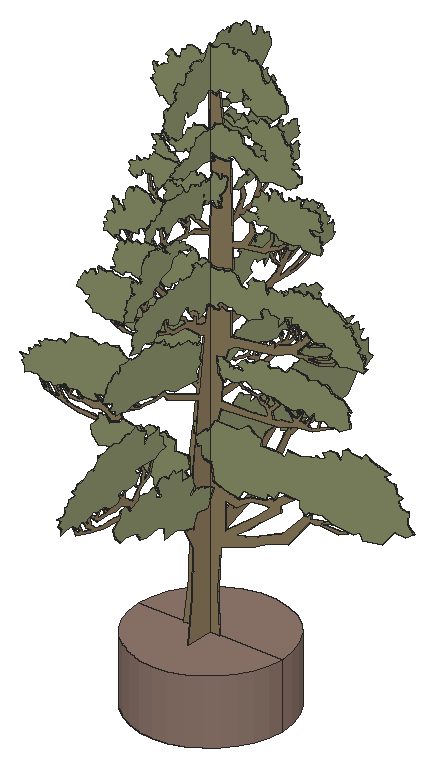
Revit family "섬잣나무+뿌리분", category 수목, Revit 2019
Family settings
  OmniClass 번호 = 23.40.05.00
  OmniClass 제목 = Plants and Planting Products
  작업 기준면 기반 = 아니오
  항상 수직 = 예
  로드될 때 보이드를 사용하여 절단 = 아니오
  렌더 모양 소스 = 패밀리 형상
  공유 = 아니오
Parameters
  콘 높이 = 뿌리분 직경 / 4  # 272.5 mm
  뿌리분 직경 = (24 mm + ((R / 10) - 3 mm) * 5) * 10  # 1090 mm
  뿌리분 높이 = 뿌리분 직경 / 2  # 545 mm
  높이 = 4500 mm
  R = 200 mm
  H = 높이  # 4500 mm
Reference planes
  plane 1 "중심(앞/뒤)": y = 0
  plane 2: z = 0
  plane 3 "중심(왼쪽/오른쪽)": x = 0
  plane 4: x = 482.5
  plane 5: x = -607.5
  plane 6: z = -545
  plane 7: z = -817.5
  plane 8: z = 4500
  plane 9: x = -100
  plane 10: x = 100
Forms (mm)
  Revolve 1, solid, material "흙"
    sketch origin (0, 0, 0) x (1, 0, 0) y (0, 0, 1)
      loop
        line (0, 0) -> (-607.5, 0) -> (-607.5, -545) -> (0, -545) -> (0, 0)
      axis (0, 0) -> (0, -545)
    angle from 0 to 360
  Revolve 2, solid, material "흙"
    sketch origin (0, 0, 0) x (1, 0, 0) y (0, 0, 1)
      loop
        line (0, -545) -> (-607.5, -545) -> (0, -817.5) -> (0, -545)
      axis (0, -545) -> (0, -817.5)
    angle from 0 to 360
Dimensions and locks
  "뿌리분 직경": plane 4 to plane 5
  "뿌리분 높이": plane 6 to level
  "콘 높이": plane 7 to plane 6
  "H": level to plane 8
  "R": plane 9 to plane 10
  aligned and locked: level to plane 2
Automatic sketch dimensions
  Revolve 1 sketch curve to level = 0 mm  (x2)
  Revolve 1 sketch curve to plane 5 = 0 mm
  Revolve 1 sketch curve to plane 3 "중심(왼쪽/오른쪽)" = 0 mm  (x2)
  Revolve 1 sketch curve to plane 6 = 0 mm  (x2)
  Revolve 2 sketch curve to plane 5 = 0 mm
  Revolve 2 sketch curve to plane 3 "중심(왼쪽/오른쪽)" = 0 mm  (x2)
  Revolve 2 sketch curve to plane 7 = 0 mm  (x2)
  Revolve 2 sketch curve to plane 6 = 0 mm  (x2)
Nested families
  nested 1: "섬잣나무_base" at (0, 0, 0), type "섬잣나무_base"
Definition of nested family "섬잣나무_base"
  Parameters (values of type "섬잣나무_base")
    Height = 6000 mm
  Reference planes
    plane 1 "중심(앞/뒤)": y = 0
    plane 2: z = 0
    plane 3 "중심(왼쪽/오른쪽)": x = 0
  Forms (mm)
    Revolve 1, solid, detail levels coarse
      sketch origin (-3.825, -0.971, 0) x (1, 0, 0) y (0, 0, 1)
        loop
          line (0, 4453.585) -> (-433.013, 4279.985) -> (-1475.227, 1440) -> (-100, 1440) -> (-100, 0) -> (0, 0) -> (0, 4453.585)
        axis (0, 4453.585) -> (0, 0)
      angle from 0 to 360
    Extrusion 2, solid, detail levels fine
      sketch origin (-3.825, -0.971, 0) x (1, 0, 0) y (0, 0, 1)
        loop
          line (100.99, 4484.287) -> (72.119, 4444.933) -> (30.126, 4434.438) -> (-0.057, 4453.46) -> (-43.678, 4358.19) -> (-77.054, 4345.106) -> (-88.834, 4367.349) -> (-154.279, 4382.396) -> (-196.163, 4360.153) -> (-189.618, 4333.33) -> (-238.047, 4325.48) -> (-246.555, 4271.181) -> (-270.769, 4254.172) -> (-327.051, 4295.386) -> (-370.899, 4242.396) -> (-336.868, 4235.854) -> (-355.847, 4205.76) -> (-342.758, 4176.321) -> (-390.31, 4161.808) -> (-434.696, 4127.226) -> (-455.583, 4141.581) -> (-439.918, 4155.936) -> (-477.124, 4146.148) -> (-470.596, 4098.516) -> (-458.194, 4067.848) -> (-482.998, 4040.443) -> (-468.638, 4008.471) -> (-498.011, 4012.386) -> (-446.445, 3977.151) -> (-452.32, 3961.491) -> (-418.377, 3908.639) -> (-394.879, 3922.341) -> (-345.923, 3869.489) -> (-291.094, 3872.099) -> (-287.177, 3917.774) -> (-254.54, 3964.101) -> (-264.984, 4020.216) -> (-224.514, 4048.926) -> (-217.762, 3996.193) -> (-142.045, 3998.151) -> (-119.852, 4050.351) -> (-60.453, 4054.918) -> (-18.678, 4109.728) -> (59.651, 4092.763) -> (88.371, 4129.956) -> (174.532, 4134.523) -> (143.854, 4099.288) -> (184.976, 4064.053) -> (235.237, 4092.111) -> (278.318, 4116.253) -> (291.372, 4154.098) -> (280.928, 4195.858) -> (349.466, 4149.53) -> (316.829, 4141.701) -> (284.192, 4104.508) -> (294.636, 4073.841) -> (345.529, 4080.893) -> (360.126, 4065.259) -> (404.961, 4038.159) -> (476.904, 4066.301) -> (542.592, 4051.709) -> (591.71, 4097.931) -> (618.099, 4131.615) -> (652.201, 4149.066) -> (653.006, 4207.588) -> (631.083, 4235.996) -> (631.489, 4268.462) -> (601.041, 4273.332) -> (564.642, 4298.817) -> (552.495, 4339.699) -> (512.619, 4362.941) -> (510.555, 4330.966) -> (476.505, 4315.494) -> (450.389, 4333.968) -> (431.029, 4414.203) -> (384.242, 4460.973) -> (328.178, 4435.168) -> (324.952, 4460.973) -> (291.475, 4485.97) -> (235.684, 4483.276) -> (226.315, 4434.438) -> (192.851, 4449.524) -> (202.038, 4488.879) -> (166.605, 4475.105) -> (146.921, 4496.75) -> (100.99, 4484.287)
        loop
          line (192.071, 3892.995) -> (219.184, 3904.233) -> (280.085, 3900.216) -> (313.724, 3932.524) -> (328.894, 3906.15) -> (357.257, 3893.623) -> (356.597, 3844.172) -> (402.109, 3840.875) -> (444.982, 3823.732) -> (435.747, 3800.655) -> (474.663, 3800.655) -> (477.549, 3795.503) -> (477.549, 3742.056) -> (482.076, 3731.939) -> (447.514, 3753.532) -> (414.033, 3727.621) -> (380.552, 3741.656) -> (367.591, 3765.409) -> (283.348, 3796.718) -> (280.791, 3829.277) -> (235.617, 3868.948) -> (172.29, 3852.911) -> (100.097, 3874.434) -> (48.591, 3854.177) -> (34.659, 3810.708) -> (-16.425, 3793.405) -> (-50.622, 3811.13) -> (-127.881, 3791.717) -> (-137.869, 3799.957) -> (-148.669, 3748.134) -> (-185.391, 3745.975) -> (-201.591, 3710.346) -> (-213.472, 3673.638) -> (-260.994, 3686.594) -> (-312.836, 3662.842) -> (-326.876, 3669.32) -> (-361.438, 3666.081) -> (-354.958, 3636.93) -> (-390.599, 3636.93) -> (-408.96, 3625.054) -> (-380.879, 3613.178) -> (-375.478, 3595.903) -> (-347.397, 3586.187) -> (-333.357, 3571.071) -> (-299.875, 3568.912) -> (-275.034, 3539.762) -> (-222.112, 3551.638) -> (-197.271, 3579.709) -> (-162.71, 3560.275) -> (-116.268, 3559.195) -> (-70.906, 3575.39) -> (0.377, 3567.832) -> (30.618, 3577.549) -> (12.257, 3604.541) -> (20.897, 3630.452) -> (67.339, 3616.417) -> (144.022, 3619.656) -> (194.784, 3639.089) -> (160.223, 3644.488) -> (192.624, 3669.32) -> (237.986, 3636.93) -> (270.387, 3599.142) -> (324.389, 3602.381) -> (327.63, 3623.974) -> (399.992, 3589.426) -> (422.673, 3553.797) -> (541.478, 3582.948) -> (574.959, 3582.948) -> (576.725, 3583.987) -> (622.586, 3583.987) -> (655.521, 3571.374) -> (677.335, 3590.614) -> (685.221, 3581.674) -> (713.884, 3606.957) -> (729.945, 3612.848) -> (740.638, 3648.336) -> (755.181, 3648.336) -> (777.423, 3658.598) -> (777.423, 3708.196) -> (763.308, 3700.073) -> (715.83, 3727.865) -> (696.583, 3746.25) -> (740.638, 3760.788) -> (759.031, 3760.788) -> (734.223, 3786.869) -> (702.571, 3786.869) -> (715.83, 3819.365) -> (692.44, 3828.909) -> (685.89, 3840.316) -> (698.294, 3868.535) -> (689.739, 3895.472) -> (676.48, 3916.851) -> (660.88, 3907.176) -> (635.38, 3923.346) -> (633.616, 3936.718) -> (609.896, 3971.513) -> (621.498, 3997.544) -> (580.504, 4000.637) -> (565.034, 4026.925) -> (512.437, 3988.008) -> (498.512, 4007.453) -> (460.239, 4034.423) -> (432.698, 4029.642) -> (406.142, 3984.513) -> (364.316, 3993.14) -> (329.129, 3966.594) -> (313.196, 3988.495) -> (268.714, 4009.068) -> (260.083, 3960.621) -> (240.83, 3956.639) -> (212.282, 3923.456) -> (193.042, 3948.213) -> (148.665, 3967.929) -> (115.188, 3927.978) -> (148.146, 3922.53) -> (192.071, 3892.995)
        loop
          line (-662.462, 3337.052) -> (-679.075, 3316.985) -> (-667.308, 3291.383) -> (-679.767, 3256.093) -> (-651.387, 3229.799) -> (-617.469, 3219.419) -> (-614.007, 3236.718) -> (-571.783, 3257.477) -> (-575.936, 3292.767) -> (-558.631, 3303.146) -> (-536.48, 3278.927) -> (-504.639, 3289.999) -> (-470.721, 3274.776) -> (-470.721, 3243.638) -> (-452.031, 3209.04) -> (-417.421, 3206.964) -> (-392.501, 3244.33) -> (-352.353, 3251.941) -> (-321.896, 3274.776) -> (-283.825, 3254.017) -> (-254.752, 3221.495) -> (-254.06, 3245.714) -> (-204.221, 3251.941) -> (-159.227, 3235.334) -> (-138.461, 3188.281) -> (-97.621, 3166.831) -> (-72.009, 3231.183) -> (-76.162, 3260.245) -> (-61.626, 3297.61) -> (-69.24, 3342.587) -> (-51.243, 3339.82) -> (-50.551, 3301.762) -> (-36.014, 3274.776) -> (-51.935, 3256.093) -> (-5.557, 3242.946) -> (23.516, 3274.776) -> (51.896, 3240.178) -> (82.353, 3245.714) -> (69.893, 3281.003) -> (100.351, 3290.691) -> (88.583, 3337.052) -> (126.654, 3374.417) -> (144.111, 3432.264) -> (141.749, 3451.324) -> (157.44, 3469.371) -> (155.753, 3484.382) -> (136.855, 3488.768) -> (128.588, 3476.624) -> (110.804, 3484.715) -> (112.867, 3454.466) -> (83.984, 3455.154) -> (69.201, 3482.362) -> (17.978, 3489.974) -> (29.053, 3462.988) -> (11.748, 3421.47) -> (-33.938, 3417.319) -> (-49.166, 3436.001) -> (-81.008, 3438.769) -> (-83.777, 3416.627) -> (-112.157, 3419.395) -> (-121.156, 3440.845) -> (-145.383, 3436.001) -> (-168.226, 3444.997) -> (-156.458, 3451.916) -> (-184.147, 3463.68) -> (-211.835, 3424.93) -> (-237.447, 3427.698) -> (-267.904, 3456.068) -> (-299.745, 3447.765) -> (-334.356, 3451.916) -> (-352.353, 3444.997) -> (-391.809, 3444.997) -> (-441.648, 3457.452) -> (-473.489, 3460.22) -> (-490.795, 3424.93) -> (-506.023, 3424.93) -> (-509.484, 3392.408) -> (-553.093, 3391.024) -> (-563.476, 3364.038) -> (-587.011, 3363.346) -> (-615.392, 3383.413) -> (-616.084, 3356.427) -> (-632.005, 3337.744) -> (-662.462, 3337.052)
        loop
          line (943.291, 3176) -> (948.872, 3217.844) -> (939.105, 3244.345) -> (953.058, 3272.938) -> (930.733, 3276.425) -> (930.036, 3309.9) -> (890.27, 3299.439) -> (857.48, 3316.874) -> (847.713, 3336.401) -> (900.734, 3351.046) -> (927.245, 3342.677) -> (953.756, 3360.112) -> (937.012, 3388.008) -> (950.267, 3414.509) -> (923.757, 3431.944) -> (927.943, 3478.669) -> (881.898, 3488.433) -> (842.83, 3473.09) -> (830.272, 3489.828) -> (773.763, 3474.485) -> (768.879, 3505.868) -> (778.646, 3534.461) -> (735.392, 3549.106) -> (740.973, 3526.789) -> (707.486, 3502.381) -> (666.325, 3510.052) -> (671.208, 3484.248) -> (634.931, 3475.182) -> (602.839, 3491.92) -> (606.327, 3529.579) -> (581.909, 3512.144) -> (560.98, 3528.882) -> (549.818, 3532.369) -> (534.47, 3514.934) -> (510.052, 3529.579) -> (521.912, 3500.288) -> (507.959, 3435.431) -> (527.493, 3427.062) -> (498.889, 3431.246) -> (498.889, 3466.814) -> (480.751, 3486.341) -> (474.472, 3467.511) -> (437.497, 3484.946) -> (425.637, 3427.76) -> (377.499, 3420.088) -> (360.755, 3387.311) -> (357.267, 3345.467) -> (401.917, 3357.323) -> (412.381, 3335.704) -> (387.964, 3307.11) -> (407.498, 3302.229) -> (415.172, 3266.662) -> (398.428, 3289.676) -> (369.127, 3298.044) -> (349.593, 3288.978) -> (316.804, 3298.742) -> (302.153, 3277.122) -> (290.991, 3256.898) -> (256.108, 3244.345) -> (316.106, 3210.87) -> (351.686, 3223.423) -> (386.568, 3249.227) -> (397.731, 3222.726) -> (431.218, 3219.239) -> (465.402, 3237.371) -> (501.68, 3236.674) -> (493.308, 3210.87) -> (530.981, 3204.593) -> (570.747, 3202.501) -> (585.398, 3171.816) -> (611.908, 3167.632) -> (665.627, 3165.539) -> (709.579, 3164.145) -> (758.414, 3189.251) -> (789.808, 3168.329) -> (873.526, 3166.237) -> (943.291, 3176)
        loop
          line (-713.437, 2963.237) -> (-708.955, 2931.443) -> (-725.353, 2938.532) -> (-731.09, 2965.002) -> (-771.251, 2962.355) -> (-769.045, 2983.531) -> (-777.871, 2995.884) -> (-805.234, 2989.266) -> (-817.15, 3007.795) -> (-827.3, 2979.119) -> (-806.999, 2952.208) -> (-809.206, 2923.973) -> (-789.346, 2898.385) -> (-802.586, 2888.238) -> (-822.887, 2903.679) -> (-837.892, 2885.591) -> (-860.842, 2881.621) -> (-866.579, 2852.062) -> (-882.908, 2828.68) -> (-868.786, 2822.945) -> (-860.305, 2798.153) -> (-893.438, 2787.583) -> (-887.798, 2762.213) -> (-893.438, 2726.273) -> (-860.305, 2727.682) -> (-797.563, 2697.38) -> (-801.087, 2717.816) -> (-762.314, 2743.891) -> (-760.904, 2774.193) -> (-719.311, 2797.449) -> (-654.454, 2794.63) -> (-599.467, 2802.382) -> (-601.582, 2837.617) -> (-573.383, 2852.416) -> (-531.085, 2851.711) -> (-532.495, 2867.92) -> (-505.001, 2903.155) -> (-457.768, 2910.907) -> (-413.355, 2927.115) -> (-383.021, 2991.17) -> (-329.898, 3004.336) -> (-325.507, 3044.274) -> (-310.58, 3016.186) -> (-243.847, 3005.214) -> (-216.627, 2981.515) -> (-207.407, 3016.186) -> (-224.09, 3030.669) -> (-246.92, 3031.985) -> (-263.165, 3067.534) -> (-284.677, 3076.311) -> (-325.946, 3079.822) -> (-321.556, 3101.327) -> (-358.435, 3117.566) -> (-387.85, 3119.76) -> (-390.923, 3096.939) -> (-414.192, 3114.494) -> (-442.291, 3116.688) -> (-467.755, 3091.672) -> (-444.047, 3074.117) -> (-421.656, 3049.101) -> (-471.267, 3076.75) -> (-497.17, 3105.716) -> (-502.877, 3125.465) -> (-549.415, 3130.732) -> (-552.639, 3139.739) -> (-596.328, 3147.578) -> (-627.764, 3152.446) -> (-629.176, 3118.576) -> (-639.764, 3112.225) -> (-652.47, 3135.511) -> (-684.235, 3116.459) -> (-711.059, 3067.065) -> (-709.906, 3013.531) -> (-731.09, 3007.354) -> (-727.56, 2976.031) -> (-713.437, 2963.237)
        loop
          line (-444.895, 3537.517) -> (-454.771, 3515.196) -> (-475.812, 3514.337) -> (-478.818, 3489.441) -> (-457.777, 3484.719) -> (-457.347, 3464.115) -> (-438.883, 3462.398) -> (-423.424, 3459.823) -> (-399.378, 3452.955) -> (-357.296, 3451.667) -> (-343.555, 3461.111) -> (-303.191, 3455.101) -> (-264.116, 3466.261) -> (-281.292, 3490.729) -> (-295.462, 3502.318) -> (-299.756, 3519.917) -> (-312.209, 3514.766) -> (-340.979, 3518.2) -> (-350.855, 3542.668) -> (-373.184, 3553.828) -> (-388.213, 3580.012) -> (-395.943, 3596.324) -> (-407.966, 3580.871) -> (-420.419, 3582.158) -> (-414.836, 3594.607) -> (-426.86, 3610.489) -> (-457.347, 3604.05) -> (-461.212, 3592.89) -> (-484.829, 3592.46) -> (-471.947, 3565.847) -> (-458.636, 3557.691) -> (-444.895, 3537.517)
        loop
          line (-351.881, 2770.706) -> (-370.427, 2752.167) -> (-427.491, 2777.836) -> (-446.036, 2740.759) -> (-466.722, 2757.872) -> (-500.246, 2749.315) -> (-540.904, 2759.298) -> (-575.142, 2722.22) -> (-621.527, 2740.689) -> (-647.206, 2717.159) -> (-697.849, 2726.428) -> (-711.402, 2660.829) -> (-727.808, 2682.22) -> (-714.255, 2694.341) -> (-743.5, 2705.75) -> (-783.445, 2654.412) -> (-770.605, 2610.203) -> (-796.997, 2610.916) -> (-816.256, 2530.343) -> (-801.277, 2504.674) -> (-796.997, 2483.283) -> (-836.228, 2461.892) -> (-777.738, 2449.058) -> (-732.088, 2439.788) -> (-709.262, 2475.44) -> (-670.031, 2484.709) -> (-650.059, 2466.883) -> (-599.415, 2459.753) -> (-561.61, 2474.014) -> (-560.897, 2508.952) -> (-513.82, 2525.352) -> (-506.687, 2553.161) -> (-465.316, 2570.273) -> (-423.945, 2560.291) -> (-431.791, 2513.944) -> (-378.294, 2483.283) -> (-330.503, 2483.283) -> (-316.237, 2518.935) -> (-251.04, 2563.103) -> (-218.942, 2559.538) -> (-214.662, 2512.478) -> (-175.431, 2516.043) -> (-125.5, 2483.956) -> (-109.808, 2451.87) -> (-107.668, 2420.496) -> (-47.751, 2449.018) -> (-32.772, 2490.374) -> (10.739, 2486.095) -> (51.397, 2468.983) -> (83.495, 2468.983) -> (67.802, 2493.226) -> (90.628, 2526.738) -> (159.104, 2508.913) -> (187.636, 2524.599) -> (232.573, 2483.243) -> (291.064, 2488.948) -> (330.295, 2466.844) -> (366.673, 2493.226) -> (448.72, 2526.398) -> (432.421, 2566.068) -> (460.059, 2606.447) -> (496.2, 2606.447) -> (516.751, 2574.569) -> (547.932, 2578.819) -> (591.869, 2574.569) -> (581.239, 2552.608) -> (588.325, 2513.646) -> (635.097, 2568.901) -> (635.097, 2597.946) -> (700.293, 2629.824) -> (694.624, 2590.862) -> (694.904, 2569.605) -> (749.471, 2580.939) -> (764.352, 2558.27) -> (790.573, 2553.312) -> (817.502, 2556.854) -> (844.431, 2524.267) -> (883.407, 2501.598) -> (924.509, 2500.89) -> (973.406, 2526.392) -> (973.406, 2514.35) -> (985.453, 2496.64) -> (1000.335, 2503.724) -> (1038.602, 2491.681) -> (1014.508, 2411.632) -> (1030.098, 2433.592) -> (1071.909, 2413.757) -> (1098.838, 2388.963) -> (1154.113, 2409.507) -> (1207.262, 2401.006) -> (1272.459, 2415.174) -> (1298.679, 2409.507) -> (1329.86, 2447.76) -> (1300.805, 2444.927) -> (1303.64, 2485.305) -> (1317.813, 2513.641) -> (1306.474, 2546.228) -> (1293.01, 2503.724) -> (1280.963, 2538.435) -> (1256.868, 2539.144) -> (1225.687, 2546.228) -> (1263.955, 2561.812) -> (1274.585, 2587.315) -> (1238.443, 2607.15) -> (1234.9, 2636.903) -> (1198.05, 2656.738) -> (1213.64, 2682.24) -> (1188.129, 2722.619) -> (1166.869, 2700.658) -> (1127.184, 2708.451) -> (1161.046, 2736.13) -> (1129.157, 2758.09) -> (1092.307, 2789.968) -> (1059.708, 2792.801) -> (1034.906, 2821.137) -> (1004.433, 2826.805) -> (1003.016, 2797.052) -> (954.119, 2811.928) -> (934.985, 2840.264) -> (909.473, 2835.305) -> (883.253, 2825.388) -> (856.324, 2848.765) -> (824.435, 2857.266) -> (825.143, 2830.347) -> (786.167, 2823.971) -> (750.734, 2837.431) -> (719.554, 2816.179) -> (704.672, 2829.638) -> (665.551, 2827.922) -> (665.551, 2788.319) -> (631.011, 2753.792) -> (597.63, 2787.185) -> (572.726, 2762.291) -> (521.787, 2782.659) -> (488.276, 2764.159) -> (506.201, 2741.222) -> (493.295, 2722.586) -> (473.935, 2761.292) -> (474.652, 2789.246) -> (456.009, 2810.749) -> (436.65, 2798.564) -> (382.873, 2789.962) -> (362.796, 2803.581) -> (335.549, 2769.893) -> (310.453, 2748.39) -> (340.568, 2733.338) -> (316.189, 2693.916) -> (263.129, 2716.852) -> (230.441, 2769.674) -> (212.562, 2780.397) -> (174.659, 2788.976) -> (127.458, 2768.244) -> (118.877, 2783.257) -> (73.822, 2757.52) -> (9.457, 2763.24) -> (10.888, 2789.691) -> (-12.712, 2807.563) -> (-59.913, 2805.419) -> (-95.671, 2779.682) -> (-94.956, 2816.857) -> (-128.568, 2850.457) -> (-175.768, 2854.747) -> (-154.299, 2824.184) -> (-192.817, 2776.41) -> (-229.195, 2784.967) -> (-296.958, 2779.263) -> (-281.265, 2787.106) -> (-308.37, 2807.071) -> (-317.643, 2776.41) -> (-351.881, 2770.706)
        loop
          line (300.429, 2158.583) -> (275.037, 2144.079) -> (232.958, 2102.74) -> (274.312, 2091.137) -> (287.37, 2066.479) -> (255.449, 2069.38) -> (228.605, 2073.006) -> (202.487, 2061.402) -> (204.664, 2077.357) -> (173.468, 2067.204) -> (169.84, 2087.511) -> (125.585, 2099.114) -> (113.251, 2117.97) -> (69.722, 2100.565) -> (79.879, 2059.227) -> (72.624, 2048.348) -> (90.761, 2008.46) -> (84.957, 1985.253) -> (132.201, 1936.846) -> (133.36, 1965.808) -> (213.322, 1958.857) -> (307.192, 2001.72) -> (341.958, 1987.818) -> (361.659, 1965.808) -> (409.173, 1979.709) -> (470.594, 1958.857) -> (554.033, 1958.857) -> (598.071, 1943.797) -> (632.837, 1931.054) -> (709.323, 1915.994) -> (767.267, 1951.906) -> (795.081, 1946.114) -> (846.071, 1909.043) -> (881.997, 1954.223) -> (899.38, 1909.043) -> (963.118, 1928.737) -> (986.296, 1917.152) -> (1003.679, 1902.092) -> (1056.988, 1911.36) -> (1101.025, 1896.3) -> (1186.782, 1947.272) -> (1184.465, 1976.234) -> (1171.717, 2010.987) -> (1178.67, 2042.266) -> (1148.539, 2061.96) -> (1193.736, 2073.544) -> (1133.474, 2144.21) -> (1095.231, 2147.686) -> (1026.857, 2163.904) -> (1009.474, 2192.866) -> (981.66, 2206.767) -> (944.576, 2194.024) -> (906.333, 2211.401) -> (836.8, 2190.549) -> (813.623, 2221.827) -> (766.109, 2221.827) -> (726.707, 2235.729) -> (695.919, 2228.261) -> (676.33, 2228.261) -> (677.781, 2209.405) -> (651.663, 2184.022) -> (613.843, 2186.867) -> (594.981, 2194.12) -> (571.039, 2197.746) -> (518.804, 2172.363) -> (494.862, 2181.066) -> (504.294, 2193.395) -> (488.333, 2209.35) -> (431.744, 2207.899) -> (399.097, 2183.966) -> (382.41, 2158.583) -> (363.547, 2163.66) -> (324.371, 2148.43) -> (300.429, 2158.583)
        loop
          line (-302.228, 2298.993) -> (-317.371, 2326.115) -> (-372.854, 2315.587) -> (-413.217, 2338.643) -> (-423.308, 2363.862) -> (-452.86, 2363.141) -> (-486.016, 2388.359) -> (-456.464, 2385.477) -> (-476.646, 2421.503) -> (-515.568, 2412.136) -> (-566.023, 2435.913) -> (-621.834, 2424.258) -> (-677.099, 2441.522) -> (-733.58, 2417.051) -> (-805.03, 2416.329) -> (-833.899, 2435.087) -> (-869.263, 2419.937) -> (-942.879, 2431.48) -> (-936.383, 2395.407) -> (-942.157, 2366.549) -> (-962.365, 2368.713) -> (-973.912, 2400.457) -> (-1008.555, 2385.307) -> (-1033.093, 2346.348) -> (-1056.91, 2352.12) -> (-1084.336, 2302.339) -> (-1085.057, 2279.253) -> (-1107.431, 2272.038) -> (-1121.143, 2222.258) -> (-1087.944, 2217.207) -> (-1050.415, 2186.185) -> (-1016.494, 2192.678) -> (-1020.824, 2162.377) -> (-1045.363, 2136.404) -> (-1022.989, 2123.418) -> (-987.625, 2097.445) -> (-984.017, 2070.752) -> (-931.331, 2072.916) -> (-876.48, 2054.88) -> (-814.413, 2075.08) -> (-755.953, 2078.688) -> (-701.103, 2067.144) -> (-656.213, 2052.181) -> (-600.686, 2052.812) -> (-554.624, 2035.781) -> (-469.441, 2037.673) -> (-367.852, 1979.013) -> (-264.371, 1975.859) -> (-125.554, 1961.983) -> (-141.957, 2037.86) -> (-74.442, 2088.32) -> (-95.264, 2100.304) -> (-108.515, 2117.966) -> (-87.061, 2169.688) -> (-89.585, 2224.563) -> (-133.123, 2222.04) -> (-144.481, 2251.686) -> (-189.912, 2251.686) -> (-189.912, 2272.501) -> (-213.89, 2298.993) -> (-253.642, 2298.993) -> (-302.228, 2298.993)
        loop
          line (52.176, 1610.503) -> (-0.542, 1516.396) -> (-34.433, 1548.393) -> (-137.988, 1542.746) -> (-122.926, 1465.579) -> (-75.855, 1454.286) -> (-83.387, 1380.883) -> (-45.73, 1331.947) -> (27.7, 1273.601) -> (42.762, 1153.144) -> (127.489, 1119.266) -> (244.224, 1094.798) -> (293.178, 1166.319) -> (328.951, 1155.026) -> (479.577, 1166.319) -> (494.639, 1205.844) -> (553.007, 1196.433) -> (588.781, 1260.426) -> (669.742, 1260.426) -> (758.234, 1252.897) -> (760.117, 1202.08) -> (812.836, 1168.201) -> (839.196, 1192.669) -> (954.048, 1209.608) -> (1033.126, 1179.494) -> (1083.962, 1173.848) -> (1168.689, 1160.673) -> (1221.408, 1158.79) -> (1268.479, 1194.551) -> (1292.956, 1141.851) -> (1462.409, 1166.319) -> (1565.965, 1299.951) -> (1654.457, 1288.658) -> (1727.887, 1335.711) -> (1671.403, 1392.175) -> (1678.934, 1491.929) -> (1661.989, 1484.4) -> (1613.035, 1501.339) -> (1594.207, 1538.982) -> (1631.863, 1576.625) -> (1579.144, 1595.446) -> (1579.144, 1616.15) -> (1567.847, 1661.321) -> (1511.363, 1661.321) -> (1477.472, 1691.435) -> (1530.191, 1719.667) -> (1422.87, 1747.899) -> (1379.565, 1757.31) -> (1319.315, 1800.599) -> (1289.19, 1761.074) -> (1196.932, 1761.074) -> (1165.757, 1786.38) -> (1123.213, 1761.572) -> (1123.213, 1729.675) -> (1107.85, 1688.328) -> (1071.215, 1723.768) -> (1019.216, 1723.768) -> (977.854, 1695.416) -> (953.97, 1687.769) -> (978.385, 1646.353) -> (930.296, 1629.343) -> (899.222, 1641.176) -> (888.125, 1624.906) -> (848.61, 1616.15) -> (756.352, 1591.682) -> (660.328, 1601.093) -> (633.968, 1533.336) -> (590.663, 1559.686) -> (519.116, 1559.686) -> (432.506, 1554.039) -> (440.038, 1601.093) -> (387.319, 1625.56) -> (325.186, 1666.967) -> (246.107, 1610.503) -> (163.263, 1610.503) -> (52.176, 1610.503)
        loop
          line (-666.883, 1812.178) -> (-717.172, 1833.221) -> (-756.883, 1864.619) -> (-770.969, 1891.676) -> (-827.106, 1862.449) -> (-871.548, 1875.308) -> (-935.871, 1841.405) -> (-997.855, 1863.618) -> (-1058.67, 1855.434) -> (-1112.467, 1839.067) -> (-1117.145, 1840.236) -> (-1172.113, 1844.912) -> (-1174.452, 1813.347) -> (-1215.385, 1758.4) -> (-1234.097, 1768.921) -> (-1269.182, 1768.921) -> (-1310.115, 1737.356) -> (-1340.523, 1730.342) -> (-1395.49, 1723.327) -> (-1400.168, 1696.438) -> (-1441.101, 1690.593) -> (-1406.015, 1649.674) -> (-1445.779, 1650.844) -> (-1480.864, 1648.505) -> (-1491.39, 1606.418) -> (-1524.136, 1612.264) -> (-1517.119, 1571.345) -> (-1541.679, 1550.302) -> (-1602.494, 1551.471) -> (-1558.052, 1522.244) -> (-1589.629, 1495.355) -> (-1560.391, 1459.113) -> (-1563.9, 1417.026) -> (-1520.628, 1436.9) -> (-1484.373, 1434.562) -> (-1450.457, 1438.069) -> (-1421.219, 1412.349) -> (-1387.303, 1400.659) -> (-1348.709, 1425.209) -> (-1322.98, 1402.997) -> (-1252.809, 1429.886) -> (-1223.571, 1449.76) -> (-1193.164, 1425.209) -> (-1113.637, 1439.238) -> (-1065.687, 1402.997) -> (-970.956, 1400.659) -> (-940.549, 1422.871) -> (-966.278, 1461.451) -> (-919.498, 1473.142) -> (-856.344, 1455.606) -> (-779.156, 1463.789) -> (-732.376, 1531.596) -> (-768.63, 1539.78) -> (-782.665, 1566.669) -> (-690.273, 1572.515) -> (-575.661, 1564.331) -> (-530.05, 1587.713) -> (-459.879, 1604.08) -> (-494.964, 1642.66) -> (-493.795, 1696.438) -> (-528.88, 1724.496) -> (-534.728, 1785.289) -> (-562.796, 1760.738) -> (-643.493, 1759.569) -> (-696.121, 1728.003) -> (-696.121, 1777.105) -> (-666.883, 1812.178)
        loop
          line (-644.119, 1327.333) -> (-666.95, 1338.744) -> (-729.735, 1353.959) -> (-752.566, 1323.529) -> (-843.89, 1285.491) -> (-878.136, 1331.136) -> (-939.019, 1325.431) -> (-942.824, 1272.178) -> (-1007.512, 1213.219) -> (-992.291, 1144.752) -> (-937.116, 1085.793) -> (-881.942, 1102.91) -> (-769.69, 1083.891) -> (-727.833, 1021.129) -> (-663.145, 1005.914) -> (-529.965, 1021.129) -> (-470.985, 998.306) -> (-465.277, 903.212) -> (-332.097, 920.329) -> (-252.189, 887.997) -> (-177.988, 870.88) -> (-149.45, 907.016) -> (-128.521, 964.073) -> (-16.269, 946.956) -> (37.003, 1097.205) -> (-1.049, 1095.303) -> (-61.931, 1125.733) -> (-130.424, 1144.752) -> (-183.696, 1112.42) -> (-206.527, 1133.34) -> (-166.573, 1178.986) -> (-185.599, 1266.472) -> (-292.143, 1264.57) -> (-286.435, 1350.903) -> (-352.172, 1350.903) -> (-372.051, 1382.487) -> (-423.421, 1350.155) -> (-478.595, 1384.389) -> (-512.842, 1384.389) -> (-554.698, 1344.45) -> (-522.355, 1300.706) -> (-516.647, 1241.748) -> (-560.406, 1272.178) -> (-552.796, 1302.608) -> (-587.042, 1352.057) -> (-644.119, 1327.333)
      from 0 to 5
    Extrusion 3, solid, detail levels fine
      sketch origin (-3.825, -0.971, 0) x (1, 0, 0) y (0, 0, 1)
        loop
          line (88.358, 4106.537) -> (63.165, 4078.784) -> (-1.101, 4094.716) -> (6.097, 3818.728) -> (25.428, 3824.289) -> (43.889, 3864.272) -> (114.654, 3889.389) -> (88.358, 4106.537)
        loop
          line (179.909, 3506.882) -> (176.764, 3620.581) -> (142.281, 3604.048) -> (35.537, 3604.048) -> (48.629, 3580.895) -> (19.425, 3557.238) -> (21.617, 3496.076) -> (78.82, 3488.81) -> (87.59, 3460.721) -> (103.568, 3460.721) -> (103.568, 3496.132) -> (124.996, 3487.836) -> (134.155, 3498.608) -> (160.243, 3491.84) -> (163.429, 3471.136) -> (147.099, 3445.854) -> (150.485, 3421.568) -> (130.963, 3366.927) -> (98.701, 3334.28) -> (109.215, 3302.114) -> (99.123, 3266.188) -> (109.966, 3245.77) -> (61.868, 3220.227) -> (17.244, 3234.379) -> (10.112, 3060.886) -> (-1.743, 3053.57) -> (-161.32, 3117.504) -> (-231.331, 3117.504) -> (-200.652, 3185.917) -> (-220.318, 3239.39) -> (-240.34, 3237.204) -> (-227.083, 3187.586) -> (-251.131, 3199.297) -> (-272.095, 3233.198) -> (-288.743, 3249.84) -> (-288.743, 3235.663) -> (-266.237, 3188.511) -> (-239.724, 3169.095) -> (-251.747, 3123.175) -> (-429.403, 3129.293) -> (-456.533, 3154.873) -> (-430.944, 3200.176) -> (-448.209, 3200.176) -> (-466.09, 3172.747) -> (-495.092, 3197.183) -> (-502.183, 3276.387) -> (-520.502, 3274.747) -> (-510.081, 3166.624) -> (-457.155, 3113.098) -> (-447.963, 3122.187) -> (-360.186, 3121.072) -> (-316.505, 3103.369) -> (-318.463, 3095.982) -> (-256.603, 3097.149) -> (-236.095, 3089.383) -> (-222.423, 3095.285) -> (-177.369, 3095.285) -> (-166.183, 3085.345) -> (-143.189, 3075.717) -> (-6.161, 3013.906) -> (7.479, 2996.823) -> (-0.118, 2812.023) -> (22.696, 2782.701) -> (58.082, 2782.701) -> (103.245, 2799.456) -> (128.853, 2792.94) -> (151.201, 2803.18) -> (199.375, 2803.18) -> (194.637, 2974.46) -> (294.145, 2997.311) -> (473.089, 3022.316) -> (500.989, 3050.686) -> (601.045, 3100.696) -> (665.627, 3159.36) -> (636.641, 3159.36) -> (596.715, 3126.662) -> (512.534, 3087.712) -> (540.434, 3137.241) -> (540.434, 3196.868) -> (517.345, 3196.868) -> (517.345, 3148.782) -> (451.789, 3061.215) -> (334.898, 3043.904) -> (386.157, 3143.027) -> (360.907, 3214.592) -> (337.784, 3206.434) -> (339.293, 3139.233) -> (269.332, 3043.531) -> (193.373, 3020.155) -> (179.909, 3506.882)
        loop
          line (-493.466, 2757.268) -> (-451.278, 2760.605) -> (-528.673, 2845.557) -> (-568.736, 2844.95) -> (-493.466, 2757.268)
        loop
          line (-776.442, 2727.525) -> (-792.316, 2717.393) -> (-757.854, 2692.234) -> (-747.563, 2706.113) -> (-776.442, 2727.525)
        loop
          line (-691.868, 2733.812) -> (-672.528, 2727.272) -> (-652.237, 2787.272) -> (-671.268, 2787.272) -> (-680.052, 2758.979) -> (-700.547, 2783.858) -> (-714.216, 2789.318) -> (-722.995, 2783.858) -> (-691.868, 2733.812)
        loop
          line (-446.383, 2471.522) -> (-512.462, 2491.41) -> (-525.252, 2509.167) -> (-537.981, 2504.732) -> (-528.406, 2477.246) -> (-432.173, 2451.635) -> (-390.251, 2420.383) -> (-248.856, 2411.149) -> (-114.566, 2304.608) -> (-67.118, 2280.574) -> (-46.093, 2245.765) -> (-96.046, 1845.706) -> (-442.569, 1994.461) -> (-474.377, 2030.233) -> (-510.189, 2030.233) -> (-487.393, 2016.277) -> (-570.629, 2016.277) -> (-673.913, 2029.031) -> (-711.582, 2029.031) -> (-765.655, 2070.33) -> (-785.647, 2069.291) -> (-738.483, 2028.228) -> (-789.83, 2047.238) -> (-813.032, 2067.39) -> (-834.331, 2060.546) -> (-801.241, 2035.452) -> (-736.201, 2011.118) -> (-678.008, 2011.118) -> (-572.27, 1997.811) -> (-475.662, 1997.811) -> (-439.151, 1953.226) -> (-107.812, 1802.302) -> (-111.443, 1788.91) -> (-130.457, 1577.252) -> (-132.483, 1554.699) -> (-33.197, 1559.93) -> (-4.389, 1534.622) -> (48.074, 1619.893) -> (72.001, 1622.17) -> (93.81, 1720.638) -> (598.904, 1749.264) -> (632.518, 1771.869) -> (748.974, 1803.815) -> (869.955, 1817.469) -> (1042.744, 1898.147) -> (1015.665, 1896.894) -> (930.891, 1867.742) -> (935.299, 1914.181) -> (922.413, 1909.436) -> (913.936, 1856.217) -> (862.733, 1837.913) -> (830.18, 1850.794) -> (867.819, 1927.401) -> (851.179, 1906.474) -> (815.222, 1861.255) -> (758.539, 1861.255) -> (786.684, 1915.877) -> (770.746, 1946.045) -> (761.613, 1941.221) -> (775.693, 1914.569) -> (761.591, 1896.217) -> (744.297, 1932.487) -> (738.447, 1929.603) -> (756.733, 1882.38) -> (747.368, 1868.55) -> (703.31, 1873.869) -> (685.644, 1896.635) -> (654.181, 1923.909) -> (647.718, 1925.772) -> (670.931, 1897.347) -> (647.549, 1909.57) -> (641.757, 1925.867) -> (635.663, 1928.215) -> (641.748, 1905.011) -> (677.235, 1889.531) -> (686.698, 1873.622) -> (707.13, 1837.933) -> (688.825, 1818.279) -> (603.921, 1811.026) -> (569.511, 1795.15) -> (535.982, 1795.15) -> (525.852, 1847.747) -> (604.287, 1928.915) -> (587.317, 1937.051) -> (572.794, 1927.718) -> (540.289, 1953.643) -> (523.345, 1953.643) -> (561.383, 1916.311) -> (539.811, 1894.331) -> (507.785, 1872.756) -> (480.467, 1890.385) -> (499.622, 1920.069) -> (491.186, 1952.606) -> (479.084, 1952.606) -> (485.308, 1922.533) -> (466.289, 1895.57) -> (435.859, 1902.484) -> (420.99, 1923.915) -> (455.224, 1958.828) -> (441.138, 1963.61) -> (410.27, 1934.977) -> (371.828, 1935.034) -> (316.909, 1950.973) -> (284.484, 1948.62) -> (259.837, 1972.565) -> (242.826, 1965.971) -> (278.236, 1934.739) -> (318.505, 1934.739) -> (367.107, 1917.388) -> (401.822, 1917.388) -> (426.026, 1878.937) -> (472.207, 1861.181) -> (495.298, 1820.344) -> (495.298, 1796.374) -> (363.859, 1780.394) -> (244.854, 1780.394) -> (99.766, 1779.306) -> (111.327, 1934.923) -> (69.613, 1978.435) -> (70.97, 2025.14) -> (57.465, 2079.497) -> (63.891, 2108.779) -> (123.243, 2130.806) -> (136.393, 2108.069) -> (159.455, 2188.66) -> (210.727, 2225.379) -> (570.267, 2283.904) -> (687.189, 2342.882) -> (750.037, 2335.856) -> (795.933, 2344.122) -> (826.53, 2334.203) -> (923.696, 2334.203) -> (1050.632, 2373.468) -> (1072.698, 2404.871) -> (1059.302, 2413.535) -> (1042.8, 2388.018) -> (924.135, 2351.921) -> (833.892, 2351.921) -> (826.415, 2357.592) -> (916.142, 2374.087) -> (1009.504, 2413.879) -> (1021.107, 2458.984) -> (996.354, 2428.313) -> (913.063, 2392.73) -> (742.562, 2362.16) -> (742.562, 2380.669) -> (804.282, 2443.394) -> (843.187, 2443.336) -> (970.705, 2496.64) -> (966.264, 2507.263) -> (887.35, 2474.276) -> (913.195, 2495.191) -> (899.247, 2495.191) -> (844.274, 2454.181) -> (816.787, 2458.692) -> (864.562, 2508.581) -> (840.19, 2519.665) -> (827.911, 2536.287) -> (778.281, 2475.167) -> (768.979, 2485.482) -> (822.607, 2539.345) -> (815.999, 2550.27) -> (807.866, 2536.296) -> (766.692, 2501.743) -> (756.017, 2555.351) -> (743.037, 2564.688) -> (752.459, 2496.407) -> (756.525, 2466.935) -> (734.413, 2474.811) -> (707.218, 2510.635) -> (687.901, 2529.436) -> (711.793, 2563.736) -> (696.071, 2559.206) -> (677.047, 2537.733) -> (659.553, 2589.664) -> (644.19, 2584.489) -> (665.591, 2520.958) -> (743.413, 2447.054) -> (697.368, 2413.992) -> (625.383, 2382.875) -> (587.77, 2374.447) -> (546.969, 2342.034) -> (546.969, 2367.246) -> (533.295, 2375.096) -> (513.176, 2340.047) -> (182.516, 2297.04) -> (182.516, 2485.123) -> (140.685, 2473.395) -> (99.288, 2488.108) -> (87.107, 2453.835) -> (38.572, 2453.835) -> (-17.651, 2473.545) -> (-31.975, 2358.834) -> (-93.25, 2368.533) -> (-140.855, 2392.682) -> (-140.855, 2450.924) -> (-159.329, 2460.158) -> (-159.329, 2426.775) -> (-223.987, 2450.924) -> (-256.672, 2499.223) -> (-297.172, 2514.849) -> (-304.663, 2495.434) -> (-267.52, 2481.104) -> (-249.566, 2447.373) -> (-290.777, 2447.373) -> (-371.778, 2447.373) -> (-452.778, 2507.036) -> (-461.304, 2556.755) -> (-474.774, 2554.445) -> (-465.369, 2499.602) -> (-446.383, 2471.522)
        loop
          line (-138.677, 1506.979) -> (-166.073, 1299.032) -> (-162.646, 1232.6) -> (-157.571, 1134.218) -> (-132.372, 1151.406) -> (-65.076, 1136.885) -> (0.979, 1101.244) -> (45.642, 1105.817) -> (-11.068, 939.035) -> (-125.639, 956.111) -> (-142.721, 909.298) -> (-151.47, 893.002) -> (-149.256, 802.345) -> (-177.805, 862.697) -> (-256.432, 879.54) -> (-164.81, 705.938) -> (-173.819, 344.074) -> (-215.785, 0) -> (84.215, 0) -> (69.545, 328.016) -> (90.257, 665.101) -> (389.776, 777.83) -> (499.429, 835.42) -> (667.88, 887.943) -> (847.702, 1116.142) -> (849.062, 1122.659) -> (886.092, 1114.931) -> (936.112, 1128.681) -> (1093.049, 1115.556) -> (1178.708, 1155.557) -> (1146.821, 1155.557) -> (1093.675, 1141.807) -> (951.743, 1149.307) -> (1033.025, 1169.932) -> (1003.013, 1181.808) -> (855.235, 1152.235) -> (862.768, 1188.328) -> (819.129, 1156.649) -> (793.154, 1156.649) -> (785.881, 1135.357) -> (617.04, 958.269) -> (355.536, 840.643) -> (230.334, 808.964) -> (334.292, 883.645) -> (429.973, 971.807) -> (603.864, 1110.702) -> (598.726, 1159.45) -> (715.4, 1246.924) -> (629.261, 1246.924) -> (569.558, 1204.749) -> (557.578, 1182.36) -> (507.575, 1182.36) -> (484.136, 1156.326) -> (347.148, 1134.978) -> (257.947, 1088.937) -> (123.677, 1112.171) -> (29.746, 1153.317) -> (19.719, 1268.843) -> (-54.772, 1331.844) -> (-92.239, 1383.541) -> (-85.379, 1447.37) -> (-130.234, 1460.03) -> (-138.677, 1506.979)
        loop
          line (133.653, 1035.568) -> (132.819, 811.253) -> (384.743, 997.209) -> (515.71, 1117.289) -> (462.322, 1117.289) -> (357.362, 1103.737) -> (273.677, 1056.386) -> (230.347, 1018.939) -> (133.653, 1035.568)
        loop
          line (-988.382, 1345.804) -> (-934.003, 1362.36) -> (-876.336, 1344.855) -> (-830.444, 1301.092) -> (-760.097, 1330.972) -> (-740.774, 1355.72) -> (-746.397, 1381.566) -> (-709.717, 1415.177) -> (-631.263, 1457.445) -> (-592.036, 1560.824) -> (-607.829, 1560.824) -> (-643.49, 1476.287) -> (-688.893, 1446.14) -> (-688.893, 1473.376) -> (-666.057, 1513.993) -> (-699.269, 1562.899) -> (-722.856, 1561.809) -> (-699.513, 1521.735) -> (-716.585, 1478.944) -> (-716.585, 1446.32) -> (-738.765, 1428.899) -> (-776.138, 1459.681) -> (-787.022, 1457.599) -> (-747.655, 1417.297) -> (-778.2, 1388.733) -> (-794.799, 1365.543) -> (-809.866, 1353.571) -> (-892.077, 1410.577) -> (-894.126, 1436.77) -> (-881.821, 1455.098) -> (-895.214, 1459.603) -> (-905.261, 1442.027) -> (-908.066, 1417.13) -> (-940.982, 1459.185) -> (-954.415, 1456.598) -> (-930.27, 1421.803) -> (-967.812, 1395.751) -> (-1066.225, 1398.13) -> (-1075.299, 1385.933) -> (-1113.999, 1431.003) -> (-1125.491, 1427.207) -> (-1093.036, 1380.242) -> (-1167.912, 1379.447) -> (-1173.48, 1385.973) -> (-1154.472, 1427.236) -> (-1169.601, 1424.9) -> (-1191.69, 1396.662) -> (-1237.965, 1432.86) -> (-1250.64, 1423.864) -> (-1179.489, 1354.2) -> (-1109.8, 1354.2) -> (-1071.288, 1359.244) -> (-988.382, 1345.804)
        loop
          line (-1131.243, 1301.587) -> (-1196.119, 1314.922) -> (-1247.782, 1357.452) -> (-1266.322, 1419.615) -> (-1280.299, 1414.26) -> (-1270.878, 1371.426) -> (-1303.742, 1402.755) -> (-1314.639, 1398.767) -> (-1300.963, 1361.401) -> (-1240.184, 1323.124) -> (-1338.343, 1345.908) -> (-1368.931, 1403.722) -> (-1381.496, 1395.729) -> (-1369.34, 1364.439) -> (-1395.475, 1364.439) -> (-1411.582, 1397.855) -> (-1434.678, 1412.437) -> (-1405.2, 1350.161) -> (-1248.086, 1304.289) -> (-1112.114, 1274.544) -> (-958.255, 1266.779) -> (-948.752, 1276.636) -> (-946.856, 1293.422) -> (-991.884, 1300.197) -> (-996.972, 1300.197) -> (-1045.959, 1301.587) -> (-1131.243, 1301.587)
      from 0 to 5
    Extrusion 4, solid, detail levels fine
      sketch origin (-3.628, -16.167, 0) x (0, 1, 0) y (0, 0, 1)
        loop
          line (100.99, 4484.287) -> (72.119, 4444.933) -> (30.126, 4434.438) -> (-0.057, 4453.46) -> (-43.678, 4358.19) -> (-77.054, 4345.106) -> (-88.834, 4367.349) -> (-154.279, 4382.396) -> (-196.163, 4360.153) -> (-189.618, 4333.33) -> (-238.047, 4325.48) -> (-246.555, 4271.181) -> (-270.769, 4254.172) -> (-327.051, 4295.386) -> (-370.899, 4242.396) -> (-336.868, 4235.854) -> (-355.847, 4205.76) -> (-342.758, 4176.321) -> (-390.31, 4161.808) -> (-434.696, 4127.226) -> (-455.583, 4141.581) -> (-439.918, 4155.936) -> (-477.124, 4146.148) -> (-470.596, 4098.516) -> (-458.194, 4067.848) -> (-482.998, 4040.443) -> (-468.638, 4008.471) -> (-498.011, 4012.386) -> (-446.445, 3977.151) -> (-452.32, 3961.491) -> (-418.377, 3908.639) -> (-394.879, 3922.341) -> (-345.923, 3869.489) -> (-291.094, 3872.099) -> (-287.177, 3917.774) -> (-254.54, 3964.101) -> (-264.984, 4020.216) -> (-224.514, 4048.926) -> (-217.762, 3996.193) -> (-142.045, 3998.151) -> (-119.852, 4050.351) -> (-60.453, 4054.918) -> (-18.678, 4109.728) -> (59.651, 4092.763) -> (88.371, 4129.956) -> (174.532, 4134.523) -> (143.854, 4099.288) -> (184.976, 4064.053) -> (235.237, 4092.111) -> (278.318, 4116.253) -> (291.372, 4154.098) -> (280.928, 4195.858) -> (349.466, 4149.53) -> (316.829, 4141.701) -> (284.192, 4104.508) -> (294.636, 4073.841) -> (345.529, 4080.893) -> (360.126, 4065.259) -> (404.961, 4038.159) -> (476.904, 4066.301) -> (542.592, 4051.709) -> (591.71, 4097.931) -> (618.099, 4131.615) -> (652.201, 4149.066) -> (653.006, 4207.588) -> (631.083, 4235.996) -> (631.489, 4268.462) -> (601.041, 4273.332) -> (564.642, 4298.817) -> (552.495, 4339.699) -> (512.619, 4362.941) -> (510.555, 4330.966) -> (476.505, 4315.494) -> (450.389, 4333.968) -> (431.029, 4414.203) -> (384.242, 4460.973) -> (328.178, 4435.168) -> (324.952, 4460.973) -> (291.475, 4485.97) -> (235.684, 4483.276) -> (226.315, 4434.438) -> (192.851, 4449.524) -> (202.038, 4488.879) -> (166.605, 4475.105) -> (146.921, 4496.75) -> (100.99, 4484.287)
        loop
          line (192.071, 3892.995) -> (219.184, 3904.233) -> (280.085, 3900.216) -> (313.724, 3932.524) -> (328.894, 3906.15) -> (357.257, 3893.623) -> (356.597, 3844.172) -> (402.109, 3840.875) -> (444.982, 3823.732) -> (435.747, 3800.655) -> (474.663, 3800.655) -> (477.549, 3795.503) -> (477.549, 3742.056) -> (482.076, 3731.939) -> (447.514, 3753.532) -> (414.033, 3727.621) -> (380.552, 3741.656) -> (367.591, 3765.409) -> (283.348, 3796.718) -> (280.791, 3829.277) -> (235.617, 3868.948) -> (172.29, 3852.911) -> (100.097, 3874.434) -> (48.591, 3854.177) -> (34.659, 3810.708) -> (-16.425, 3793.405) -> (-50.622, 3811.13) -> (-127.881, 3791.717) -> (-137.869, 3799.957) -> (-148.669, 3748.134) -> (-185.391, 3745.975) -> (-201.591, 3710.346) -> (-213.472, 3673.638) -> (-260.994, 3686.594) -> (-312.836, 3662.842) -> (-326.876, 3669.32) -> (-361.438, 3666.081) -> (-354.958, 3636.93) -> (-390.599, 3636.93) -> (-408.96, 3625.054) -> (-380.879, 3613.178) -> (-375.478, 3595.903) -> (-347.397, 3586.187) -> (-333.357, 3571.071) -> (-299.875, 3568.912) -> (-275.034, 3539.762) -> (-222.112, 3551.638) -> (-197.271, 3579.709) -> (-162.71, 3560.275) -> (-116.268, 3559.195) -> (-70.906, 3575.39) -> (0.377, 3567.832) -> (30.618, 3577.549) -> (12.257, 3604.541) -> (20.897, 3630.452) -> (67.339, 3616.417) -> (144.022, 3619.656) -> (194.784, 3639.089) -> (160.223, 3644.488) -> (192.624, 3669.32) -> (237.986, 3636.93) -> (270.387, 3599.142) -> (324.389, 3602.381) -> (327.63, 3623.974) -> (399.992, 3589.426) -> (422.673, 3553.797) -> (541.478, 3582.948) -> (574.959, 3582.948) -> (576.725, 3583.987) -> (622.586, 3583.987) -> (655.521, 3571.374) -> (677.335, 3590.614) -> (685.221, 3581.674) -> (713.884, 3606.957) -> (729.945, 3612.848) -> (740.638, 3648.336) -> (755.181, 3648.336) -> (777.423, 3658.598) -> (777.423, 3708.196) -> (763.308, 3700.073) -> (715.83, 3727.865) -> (696.583, 3746.25) -> (740.638, 3760.788) -> (759.031, 3760.788) -> (734.223, 3786.869) -> (702.571, 3786.869) -> (715.83, 3819.365) -> (692.44, 3828.909) -> (685.89, 3840.316) -> (698.294, 3868.535) -> (689.739, 3895.472) -> (676.48, 3916.851) -> (660.88, 3907.176) -> (635.38, 3923.346) -> (633.616, 3936.718) -> (609.896, 3971.513) -> (621.498, 3997.544) -> (580.504, 4000.637) -> (565.034, 4026.925) -> (512.437, 3988.008) -> (498.512, 4007.453) -> (460.239, 4034.423) -> (432.698, 4029.642) -> (406.142, 3984.513) -> (364.316, 3993.14) -> (329.129, 3966.594) -> (313.196, 3988.495) -> (268.714, 4009.068) -> (260.083, 3960.621) -> (240.83, 3956.639) -> (212.282, 3923.456) -> (193.042, 3948.213) -> (148.665, 3967.929) -> (115.188, 3927.978) -> (148.146, 3922.53) -> (192.071, 3892.995)
        loop
          line (-662.462, 3337.052) -> (-679.075, 3316.985) -> (-667.308, 3291.383) -> (-679.767, 3256.093) -> (-651.387, 3229.799) -> (-617.469, 3219.419) -> (-614.007, 3236.718) -> (-571.783, 3257.477) -> (-575.936, 3292.767) -> (-558.631, 3303.146) -> (-536.48, 3278.927) -> (-504.639, 3289.999) -> (-470.721, 3274.776) -> (-470.721, 3243.638) -> (-452.031, 3209.04) -> (-417.421, 3206.964) -> (-392.501, 3244.33) -> (-352.353, 3251.941) -> (-321.896, 3274.776) -> (-283.825, 3254.017) -> (-254.752, 3221.495) -> (-254.06, 3245.714) -> (-204.221, 3251.941) -> (-159.227, 3235.334) -> (-138.461, 3188.281) -> (-97.621, 3166.831) -> (-72.009, 3231.183) -> (-76.162, 3260.245) -> (-61.626, 3297.61) -> (-69.24, 3342.587) -> (-51.243, 3339.82) -> (-50.551, 3301.762) -> (-36.014, 3274.776) -> (-51.935, 3256.093) -> (-5.557, 3242.946) -> (23.516, 3274.776) -> (51.896, 3240.178) -> (82.353, 3245.714) -> (69.893, 3281.003) -> (100.351, 3290.691) -> (88.583, 3337.052) -> (126.654, 3374.417) -> (144.111, 3432.264) -> (141.749, 3451.324) -> (157.44, 3469.371) -> (155.753, 3484.382) -> (136.855, 3488.768) -> (128.588, 3476.624) -> (110.804, 3484.715) -> (112.867, 3454.466) -> (83.984, 3455.154) -> (69.201, 3482.362) -> (17.978, 3489.974) -> (29.053, 3462.988) -> (11.748, 3421.47) -> (-33.938, 3417.319) -> (-49.166, 3436.001) -> (-81.008, 3438.769) -> (-83.777, 3416.627) -> (-112.157, 3419.395) -> (-121.156, 3440.845) -> (-145.383, 3436.001) -> (-168.226, 3444.997) -> (-156.458, 3451.916) -> (-184.147, 3463.68) -> (-211.835, 3424.93) -> (-237.447, 3427.698) -> (-267.904, 3456.068) -> (-299.745, 3447.765) -> (-334.356, 3451.916) -> (-352.353, 3444.997) -> (-391.809, 3444.997) -> (-441.648, 3457.452) -> (-473.489, 3460.22) -> (-490.795, 3424.93) -> (-506.023, 3424.93) -> (-509.484, 3392.408) -> (-553.093, 3391.024) -> (-563.476, 3364.038) -> (-587.011, 3363.346) -> (-615.392, 3383.413) -> (-616.084, 3356.427) -> (-632.005, 3337.744) -> (-662.462, 3337.052)
        loop
          line (943.291, 3176) -> (948.872, 3217.844) -> (939.105, 3244.345) -> (953.058, 3272.938) -> (930.733, 3276.425) -> (930.036, 3309.9) -> (890.27, 3299.439) -> (857.48, 3316.874) -> (847.713, 3336.401) -> (900.734, 3351.046) -> (927.245, 3342.677) -> (953.756, 3360.112) -> (937.012, 3388.008) -> (950.267, 3414.509) -> (923.757, 3431.944) -> (927.943, 3478.669) -> (881.898, 3488.433) -> (842.83, 3473.09) -> (830.272, 3489.828) -> (773.763, 3474.485) -> (768.879, 3505.868) -> (778.646, 3534.461) -> (735.392, 3549.106) -> (740.973, 3526.789) -> (707.486, 3502.381) -> (666.325, 3510.052) -> (671.208, 3484.248) -> (634.931, 3475.182) -> (602.839, 3491.92) -> (606.327, 3529.579) -> (581.909, 3512.144) -> (560.98, 3528.882) -> (549.818, 3532.369) -> (534.47, 3514.934) -> (510.052, 3529.579) -> (521.912, 3500.288) -> (507.959, 3435.431) -> (527.493, 3427.062) -> (498.889, 3431.246) -> (498.889, 3466.814) -> (480.751, 3486.341) -> (474.472, 3467.511) -> (437.497, 3484.946) -> (425.637, 3427.76) -> (377.499, 3420.088) -> (360.755, 3387.311) -> (357.267, 3345.467) -> (401.917, 3357.323) -> (412.381, 3335.704) -> (387.964, 3307.11) -> (407.498, 3302.229) -> (415.172, 3266.662) -> (398.428, 3289.676) -> (369.127, 3298.044) -> (349.593, 3288.978) -> (316.804, 3298.742) -> (302.153, 3277.122) -> (290.991, 3256.898) -> (256.108, 3244.345) -> (316.106, 3210.87) -> (351.686, 3223.423) -> (386.568, 3249.227) -> (397.731, 3222.726) -> (431.218, 3219.239) -> (465.402, 3237.371) -> (501.68, 3236.674) -> (493.308, 3210.87) -> (530.981, 3204.593) -> (570.747, 3202.501) -> (585.398, 3171.816) -> (611.908, 3167.632) -> (665.627, 3165.539) -> (709.579, 3164.145) -> (758.414, 3189.251) -> (789.808, 3168.329) -> (873.526, 3166.237) -> (943.291, 3176)
        loop
          line (-713.437, 2963.237) -> (-708.955, 2931.443) -> (-725.353, 2938.532) -> (-731.09, 2965.002) -> (-771.251, 2962.355) -> (-769.045, 2983.531) -> (-777.871, 2995.884) -> (-805.234, 2989.266) -> (-817.15, 3007.795) -> (-827.3, 2979.119) -> (-806.999, 2952.208) -> (-809.206, 2923.973) -> (-789.346, 2898.385) -> (-802.586, 2888.238) -> (-822.887, 2903.679) -> (-837.892, 2885.591) -> (-860.842, 2881.621) -> (-866.579, 2852.062) -> (-882.908, 2828.68) -> (-868.786, 2822.945) -> (-860.305, 2798.153) -> (-893.438, 2787.583) -> (-887.798, 2762.213) -> (-893.438, 2726.273) -> (-860.305, 2727.682) -> (-797.563, 2697.38) -> (-801.087, 2717.816) -> (-762.314, 2743.891) -> (-760.904, 2774.193) -> (-719.311, 2797.449) -> (-654.454, 2794.63) -> (-599.467, 2802.382) -> (-601.582, 2837.617) -> (-573.383, 2852.416) -> (-531.085, 2851.711) -> (-532.495, 2867.92) -> (-505.001, 2903.155) -> (-457.768, 2910.907) -> (-413.355, 2927.115) -> (-383.021, 2991.17) -> (-329.898, 3004.336) -> (-325.507, 3044.274) -> (-310.58, 3016.186) -> (-243.847, 3005.214) -> (-216.627, 2981.515) -> (-207.407, 3016.186) -> (-224.09, 3030.669) -> (-246.92, 3031.985) -> (-263.165, 3067.534) -> (-284.677, 3076.311) -> (-325.946, 3079.822) -> (-321.556, 3101.327) -> (-358.435, 3117.566) -> (-387.85, 3119.76) -> (-390.923, 3096.939) -> (-414.192, 3114.494) -> (-442.291, 3116.688) -> (-467.755, 3091.672) -> (-444.047, 3074.117) -> (-421.656, 3049.101) -> (-471.267, 3076.75) -> (-497.17, 3105.716) -> (-502.877, 3125.465) -> (-549.415, 3130.732) -> (-552.639, 3139.739) -> (-596.328, 3147.578) -> (-627.764, 3152.446) -> (-629.176, 3118.576) -> (-639.764, 3112.225) -> (-652.47, 3135.511) -> (-684.235, 3116.459) -> (-711.059, 3067.065) -> (-709.906, 3013.531) -> (-731.09, 3007.354) -> (-727.56, 2976.031) -> (-713.437, 2963.237)
        loop
          line (-444.895, 3537.517) -> (-454.771, 3515.196) -> (-475.812, 3514.337) -> (-478.818, 3489.441) -> (-457.777, 3484.719) -> (-457.347, 3464.115) -> (-438.883, 3462.398) -> (-423.424, 3459.823) -> (-399.378, 3452.955) -> (-357.296, 3451.667) -> (-343.555, 3461.111) -> (-303.191, 3455.101) -> (-264.116, 3466.261) -> (-281.292, 3490.729) -> (-295.462, 3502.318) -> (-299.756, 3519.917) -> (-312.209, 3514.766) -> (-340.979, 3518.2) -> (-350.855, 3542.668) -> (-373.184, 3553.828) -> (-388.213, 3580.012) -> (-395.943, 3596.324) -> (-407.966, 3580.871) -> (-420.419, 3582.158) -> (-414.836, 3594.607) -> (-426.86, 3610.489) -> (-457.347, 3604.05) -> (-461.212, 3592.89) -> (-484.829, 3592.46) -> (-471.947, 3565.847) -> (-458.636, 3557.691) -> (-444.895, 3537.517)
        loop
          line (-351.881, 2770.706) -> (-370.427, 2752.167) -> (-427.491, 2777.836) -> (-446.036, 2740.759) -> (-466.722, 2757.872) -> (-500.246, 2749.315) -> (-540.904, 2759.298) -> (-575.142, 2722.22) -> (-621.527, 2740.689) -> (-647.206, 2717.159) -> (-697.849, 2726.428) -> (-711.402, 2660.829) -> (-727.808, 2682.22) -> (-714.255, 2694.341) -> (-743.5, 2705.75) -> (-783.445, 2654.412) -> (-770.605, 2610.203) -> (-796.997, 2610.916) -> (-816.256, 2530.343) -> (-801.277, 2504.674) -> (-796.997, 2483.283) -> (-836.228, 2461.892) -> (-777.738, 2449.058) -> (-732.088, 2439.788) -> (-709.262, 2475.44) -> (-670.031, 2484.709) -> (-650.059, 2466.883) -> (-599.415, 2459.753) -> (-561.61, 2474.014) -> (-560.897, 2508.952) -> (-513.82, 2525.352) -> (-506.687, 2553.161) -> (-465.316, 2570.273) -> (-423.945, 2560.291) -> (-431.791, 2513.944) -> (-378.294, 2483.283) -> (-330.503, 2483.283) -> (-316.237, 2518.935) -> (-251.04, 2563.103) -> (-218.942, 2559.538) -> (-214.662, 2512.478) -> (-175.431, 2516.043) -> (-125.5, 2483.956) -> (-109.808, 2451.87) -> (-107.668, 2420.496) -> (-47.751, 2449.018) -> (-32.772, 2490.374) -> (10.739, 2486.095) -> (51.397, 2468.983) -> (83.495, 2468.983) -> (67.802, 2493.226) -> (90.628, 2526.738) -> (159.104, 2508.913) -> (187.636, 2524.599) -> (232.573, 2483.243) -> (291.064, 2488.948) -> (330.295, 2466.844) -> (366.673, 2493.226) -> (448.72, 2526.398) -> (432.421, 2566.068) -> (460.059, 2606.447) -> (496.2, 2606.447) -> (516.751, 2574.569) -> (547.932, 2578.819) -> (591.869, 2574.569) -> (581.239, 2552.608) -> (588.325, 2513.646) -> (635.097, 2568.901) -> (635.097, 2597.946) -> (700.293, 2629.824) -> (694.624, 2590.862) -> (694.904, 2569.605) -> (749.471, 2580.939) -> (764.352, 2558.27) -> (790.573, 2553.312) -> (817.502, 2556.854) -> (844.431, 2524.267) -> (883.407, 2501.598) -> (924.509, 2500.89) -> (973.406, 2526.392) -> (973.406, 2514.35) -> (985.453, 2496.64) -> (1000.335, 2503.724) -> (1038.602, 2491.681) -> (1014.508, 2411.632) -> (1030.098, 2433.592) -> (1071.909, 2413.757) -> (1098.838, 2388.963) -> (1154.113, 2409.507) -> (1207.262, 2401.006) -> (1272.459, 2415.174) -> (1298.679, 2409.507) -> (1329.86, 2447.76) -> (1300.805, 2444.927) -> (1303.64, 2485.305) -> (1317.813, 2513.641) -> (1306.474, 2546.228) -> (1293.01, 2503.724) -> (1280.963, 2538.435) -> (1256.868, 2539.144) -> (1225.687, 2546.228) -> (1263.955, 2561.812) -> (1274.585, 2587.315) -> (1238.443, 2607.15) -> (1234.9, 2636.903) -> (1198.05, 2656.738) -> (1213.64, 2682.24) -> (1188.129, 2722.619) -> (1166.869, 2700.658) -> (1127.184, 2708.451) -> (1161.046, 2736.13) -> (1129.157, 2758.09) -> (1092.307, 2789.968) -> (1059.708, 2792.801) -> (1034.906, 2821.137) -> (1004.433, 2826.805) -> (1003.016, 2797.052) -> (954.119, 2811.928) -> (934.985, 2840.264) -> (909.473, 2835.305) -> (883.253, 2825.388) -> (856.324, 2848.765) -> (824.435, 2857.266) -> (825.143, 2830.347) -> (786.167, 2823.971) -> (750.734, 2837.431) -> (719.554, 2816.179) -> (704.672, 2829.638) -> (665.551, 2827.922) -> (665.551, 2788.319) -> (631.011, 2753.792) -> (597.63, 2787.185) -> (572.726, 2762.291) -> (521.787, 2782.659) -> (488.276, 2764.159) -> (506.201, 2741.222) -> (493.295, 2722.586) -> (473.935, 2761.292) -> (474.652, 2789.246) -> (456.009, 2810.749) -> (436.65, 2798.564) -> (382.873, 2789.962) -> (362.796, 2803.581) -> (335.549, 2769.893) -> (310.453, 2748.39) -> (340.568, 2733.338) -> (316.189, 2693.916) -> (263.129, 2716.852) -> (230.441, 2769.674) -> (212.562, 2780.397) -> (174.659, 2788.976) -> (127.458, 2768.244) -> (118.877, 2783.257) -> (73.822, 2757.52) -> (9.457, 2763.24) -> (10.888, 2789.691) -> (-12.712, 2807.563) -> (-59.913, 2805.419) -> (-95.671, 2779.682) -> (-94.956, 2816.857) -> (-128.568, 2850.457) -> (-175.768, 2854.747) -> (-154.299, 2824.184) -> (-192.817, 2776.41) -> (-229.195, 2784.967) -> (-296.958, 2779.263) -> (-281.265, 2787.106) -> (-308.37, 2807.071) -> (-317.643, 2776.41) -> (-351.881, 2770.706)
        loop
          line (300.429, 2158.583) -> (275.037, 2144.079) -> (232.958, 2102.74) -> (274.312, 2091.137) -> (287.37, 2066.479) -> (255.449, 2069.38) -> (228.605, 2073.006) -> (202.487, 2061.402) -> (204.664, 2077.357) -> (173.468, 2067.204) -> (169.84, 2087.511) -> (125.585, 2099.114) -> (113.251, 2117.97) -> (69.722, 2100.565) -> (79.879, 2059.227) -> (72.624, 2048.348) -> (90.761, 2008.46) -> (84.957, 1985.253) -> (132.201, 1936.846) -> (133.36, 1965.808) -> (213.322, 1958.857) -> (307.192, 2001.72) -> (341.958, 1987.818) -> (361.659, 1965.808) -> (409.173, 1979.709) -> (470.594, 1958.857) -> (554.033, 1958.857) -> (598.071, 1943.797) -> (632.837, 1931.054) -> (709.323, 1915.994) -> (767.267, 1951.906) -> (795.081, 1946.114) -> (846.071, 1909.043) -> (881.997, 1954.223) -> (899.38, 1909.043) -> (963.118, 1928.737) -> (986.296, 1917.152) -> (1003.679, 1902.092) -> (1056.988, 1911.36) -> (1101.025, 1896.3) -> (1186.782, 1947.272) -> (1184.465, 1976.234) -> (1171.717, 2010.987) -> (1178.67, 2042.266) -> (1148.539, 2061.96) -> (1193.736, 2073.544) -> (1133.474, 2144.21) -> (1095.231, 2147.686) -> (1026.857, 2163.904) -> (1009.474, 2192.866) -> (981.66, 2206.767) -> (944.576, 2194.024) -> (906.333, 2211.401) -> (836.8, 2190.549) -> (813.623, 2221.827) -> (766.109, 2221.827) -> (726.707, 2235.729) -> (695.919, 2228.261) -> (676.33, 2228.261) -> (677.781, 2209.405) -> (651.663, 2184.022) -> (613.843, 2186.867) -> (594.981, 2194.12) -> (571.039, 2197.746) -> (518.804, 2172.363) -> (494.862, 2181.066) -> (504.294, 2193.395) -> (488.333, 2209.35) -> (431.744, 2207.899) -> (399.097, 2183.966) -> (382.41, 2158.583) -> (363.547, 2163.66) -> (324.371, 2148.43) -> (300.429, 2158.583)
